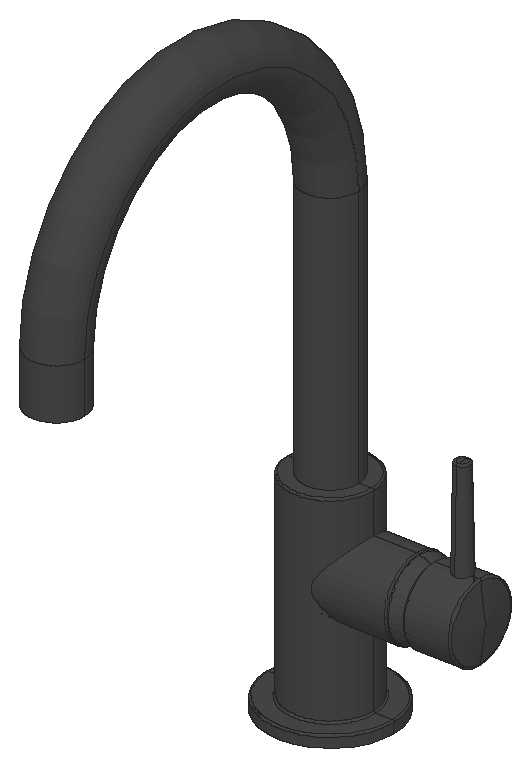
Revit family "Delta Single Handle Bar Prep Faucet 1959LF-BL", category Plumbing Fixtures, host Face, Revit 2013
Parameters (values of type "Delta Single Handle Bar Prep Faucet 1959LF-BL")
  URL = "http://www.deltafaucet.com/kitchen/details/1959lf-bl.html"
  Height = 293 mm
  Length = 186 mm
  Depth = 96 mm
  Model = "1959LF-BL"
  Manufacturer = "Delta"
  Faucet = UHMW, Black
  Default Elevation = 1219.2 mm
  CW Connection = yes
Reference planes
  plane 1 "Center (Front/Back)": y = 0
  plane 2: z = 0
  plane 3 "Center (Left/Right)": x = 0
Dimensions and locks
  aligned and locked: plane 2 to host face
  aligned and locked: level to host face
  aligned and locked: level to nested 1
Nested families
  nested 1: "1959LF" at (0, 0, 0), type "1959LF"
Connectors
  piping at (0, 0, 0)
    settings: on host face, index 1, connector radius 12", flow factor 0, pipe flow 0 GPM, pressure drop 0.00 psi, fitting loss kfactor 0, connector angle 0.00°, fixture units 0, engagement length 0 mm, flow configuration 0, flow direction 0, fitting loss method 0, system type 7, joint type 0, gender type 0, connector reference index -1, connector utility 0, adjustable connector no, is connector primary yes, fitting loss table "", connector description ""
Definition of nested family "1959LF"
  Parameters (values of type "1959LF")
    URL = ""
    Tap = UHMW, Black
    Model = ""
    Manufacturer = "Delta"
  Reference planes
    plane 1 "Center (Front/Back)": y = 0
    plane 2: z = 0
    plane 3 "Center (Left/Right)": x = 0
    plane 4: through (0, -68.849, 780.76) normal (0, -0.9945, 0.1045)
    plane 5: z = 185
    plane 6: y = -150
    plane 7: z = 293
    plane 8: y = -28
    plane 9: x = 58
  Forms (mm)
    Revolve 1, solid, material "UHMW, Black" <- "Tap"
      sketch origin (-935.825, 0, -683.27) x (1, 0, 0) y (0, 0, 1)
        loop
          line (963.825, 683.27) -> (963.825, 687.563)
          arc (963.825, 687.563) -> (963.601, 688.102) -> (963.063, 688.325) r 0.762
          line (963.063, 688.325) -> (955.594, 688.325)
          arc (955.594, 688.325) -> (955.046, 688.555) -> (954.825, 689.106) r 0.769
          line (954.825, 689.106) -> (935.825, 689.106) -> (935.825, 683.27) -> (963.825, 683.27)
        axis (935.825, 689.106) -> (935.825, 683.27)
      angle from 0 to 360
    Sweep 2, solid, material "UHMW, Black" <- "Tap"
      path origin (0, 0, -615.228) x (0, 1, 0) y (0, 0, 1)
        loop
          line (0, 707.728) -> (0, 822.728)
          arc (0, 822.728) -> (-75, 897.728) -> (-150, 822.728) r 75
          line (-150, 822.728) -> (-150, 800.228)
      profile origin (0, 0, 150) x (0, -1, 0) y (1, 0, 0)
        loop
          circle (0, -0.214) r 12.5
    Revolve 3, solid, material "UHMW, Black" <- "Tap"
      sketch origin (-12.031, -0.625, -18.152) x (1, 0, 0) y (0, 0, 1)
        loop
          line (18.194, 57.969) -> (50.303, 57.969)
          arc (50.303, 57.969) -> (50.805, 58.158) -> (51.058, 58.632) r 0.762
          arc (51.058, 58.632) -> (51.251, 58.164) -> (51.75, 58.094) r 0.508
          arc (51.75, 58.094) -> (54.386, 59.327) -> (56.864, 60.853) r 25.4
          arc (56.864, 60.853) -> (57.423, 59.564) -> (58.44, 58.595) r 3.528
          line (58.44, 58.595) -> (77.672, 58.595)
          arc (77.672, 58.595) -> (78.309, 58.82) -> (78.665, 59.394) r 1.016
          arc (78.665, 59.394) -> (80.054, 67.386) -> (80.743, 75.469) r 93.198
          line (80.743, 75.469) -> (18.194, 75.469) -> (18.194, 57.969)
        axis (80.743, 75.469) -> (18.194, 75.469)
      angle from 0 to 360
    Revolve 4, solid, material "UHMW, Black" <- "Tap"
      sketch origin (57.969, -52.984, 15.533) x (0, 0.707107, -0.707107) y (0, 0.707107, 0.707107)
        loop
          line (1.961, 78.715) -> (-31.94, 111.453)
          arc (-31.94, 111.453) -> (-32.476, 111.667) -> (-33.008, 111.444) r 0.762
          line (-33.008, 111.444) -> (-34.761, 109.691) -> (-0.912, 75.842) -> (1.961, 78.715)
        axis (-0.912, 75.842) -> (-34.761, 109.691)
      angle from 0 to 360
    Revolve 5, solid, material "UHMW, Black" <- "Tap"
      sketch origin (-935.825, 0, -683.27) x (1, 0, 0) y (0, 0, 1)
        loop
          line (954.825, 689.106) -> (954.825, 775.446)
          arc (954.825, 775.446) -> (954.604, 775.979) -> (954.07, 776.2) r 0.755
          line (954.07, 776.2) -> (935.825, 776.2) -> (935.825, 689.106) -> (954.825, 689.106)
        axis (935.825, 689.106) -> (935.825, 776.2)
      angle from 0 to 360
  Dimensions and locks
    level to plane 5 = 185 mm
    plane 6 to plane 1 "Center (Front/Back)" = 150 mm
    level to plane 7 = 293 mm
    plane 8 to plane 1 "Center (Front/Back)" = 28 mm
    plane 3 "Center (Left/Right)" to plane 9 = 58 mm
    Revolve 3 sketch curve to Revolve 3 sketch curve = 17.5 mm
